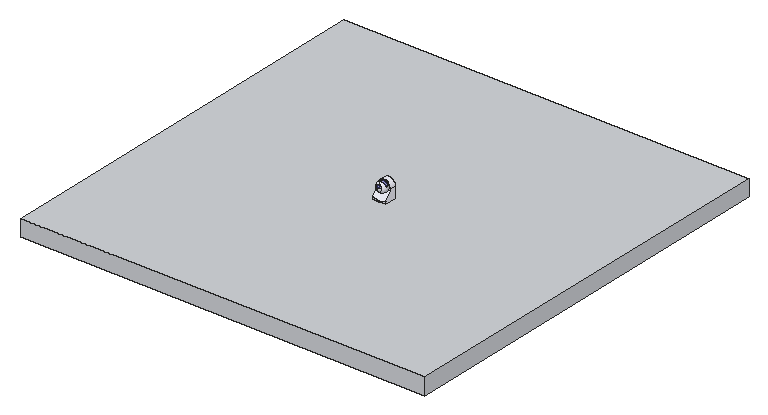
Revit family "BEG-91002", category Dispositifs d'éclairage, Revit 2015
Parameters
  Erfassungsbereich [instance] = yes
  Zone sitzend [instance] = yes
  URL = "http://www.luxomat.com/de-91001"
  Ausgabetyp = "Schalten"
  Umgebungstemperatur = "-25°C bis +50°C"
  Artikel-Nummer = "91002"
  Relais = "4A"
  Modèle = "LC-Click-N 200, weiß"
  Montge Anleitung = "Aufputz Version"
  Marke = "LUXOMAT"
  Image du type = 91002.jpg
  IP = "44"
  Max Montagehöhe empfohlen = Montagehöhe max  # 300 cm
  Montagehöhe max = 300 cm
  Fabricant = "B.E.G"
  Etikette [instance] = yes
  Elévation par défaut = 250 cm
  Typische Leistungsaufnahme = "0,38W"
  Commentaires du type = "LC-Click N-200-weiß  BEG Luxomat Bewegungsmelder"
  Code d'assemblage = "D5010200"
  Klasse = "2"
  Schaltleistung Kanal LED = "30W"
  Schaltleistung Kanal Cos ɸ =1 = "1000W"
  Schaltleistung Kanal Cos ɸ =0,5 = "0"
  SPANNUNG = "110-240 V AC"
Reference planes (cm)
  plane 1 "Centre (avant/arrière)": y = 0
  plane 2: z = 0
  plane 3 "Centre (gauche/droite)": x = 0
Forms (cm)
  Extrusion 1, solid
    sketch origin (0, 0, 0) x (1, 0, 0) y (0, 1, 0)
      loop
        line (-121.92, 121.92) -> (-121.92, -121.92) -> (121.92, -121.92) -> (121.92, 121.92) -> (-121.92, 121.92)
    from 0 to -10
  Extrusion 2, void
    sketch origin (0, 0, 0) x (1, 0, 0) y (0, 1, 0)
      loop
        circle (0, 0) r 2.125
    from 0 to 1.606
Dimensions and locks (cm)
  aligned and locked: plane 2 to Extrusion 1
  aligned and locked: level to Extrusion 1
  aligned and locked: plane 2 to nested 2
  aligned and locked: plane 1 "Centre (avant/arrière)" to nested 2
Nested families (cm)
  nested 1: "Famille1" at (0, -52.6659, 0) x (-1, 0, 0) z (0, 0, 1), reference <- "Artikel-Nummer", modele <- "Modèle", visible <- "Etikette", type "Famille1"
    with reference "91002", modele "LC-Click-N 200, weiß"
  nested 2: "M2" at (0, -4.5, 7.2), type "Standard"
  nested 3: "Symbole Mural 2D" at (0, 0, 0), type "Symbole Mural 2D"
  nested 4: "zone C" at (0, 0, 0) x (1, 0, 0) z (0, -1, 0), visible <- "Erfassungsbereich", type "zone C"
    with zone assise yes, position 3 100 cm, position 2 240 cm, position 1 400 cm, frontale 600 cm, biais 1000 cm, assise 400 cm
Connectors (cm)
  electrical at (0, -0.4, 0)
    settings: on nested 2, index 1, voltage 240 V, apparent load 0 VA, apparent load phase1 0 VA, apparent load phase2 0 VA, apparent load phase3 0 VA, power factor 1, load classification "Eclairage", number of poles 1, system type 31, power factor state 1, is connector primary yes, connector utility no, sub classification motor no, connector description ""
Definition of nested family "M2"
  Parameters (values of type "Standard")
    d273 = 0.00°
    d272 = 0.00°
    d258 = 10.3 cm
    d158 = 7.2 cm
    Revolution_StartAngle_2 = -90.0709°
    Revolution_StartAngle_1 = -90.0613°
    Revolution_EndAngle_2 = 0.00°
    Revolution_EndAngle_1 = 0.00°
  Reference planes (cm)
    plane 1 "Centre (avant/arrière)": y = 0
    plane 2: z = 0
    plane 3 "Centre (gauche/droite)": x = 0
    plane 4: x = 0
    plane 5: x = 4.65
    plane 6: x = -4.65
    plane 7: x = 4.2
    plane 8: x = -4.2
    plane 9: z = 0
    plane 10: z = -7.2
    plane 11: z = 3.1
    plane 12: x = 5.85
    plane 13: x = -5.85
  Forms (cm)
    Revolve 1, solid
      sketch origin (0, 0, 0) x (0, -1, 0) y (0, 0, -1)
        loop
          arc (-0.65, 1.6397) -> (-2.376, 2.8952) -> (-4.5, 2.6852) r 3
          line (-4.5, 2.6852) -> (-4.5, -0.1) -> (-0.65, -0.1) -> (-0.65, 1.6397)
        axis (-4.5, -0.1) -> (-0.65, -0.1)
      angle from 0 to 360
    Revolve 2, solid
      sketch origin (0, 0, 0) x (0, -1, 0) y (0, 0, -1)
        loop
          line (-0.65, 1.6197) -> (-0.65, -0.1) -> (0, -0.1)
          arc (0, -0.1) -> (-0.1679, 0.8192) -> (-0.65, 1.6197) r 2.6
        axis (0, -0.1) -> (-0.65, -0.1)
      angle from -90.061 <- "Revolution_StartAngle_1" to 90
    Revolve 3, solid
      sketch origin (0, 0, 0) x (0, -1, 0) y (0, 0, -1)
        loop
          line (-0.65, -0.1) -> (-0.65, -1.75)
          arc (-0.65, -1.75) -> (-0.1684, -0.9867) -> (0, -0.1) r 2.4192
          line (0, -0.1) -> (-0.65, -0.1)
        axis (-0.65, -0.1) -> (0, -0.1)
      angle from -90.071 <- "Revolution_StartAngle_2" to 90
    Extrusion 4, void
      sketch origin (0, 0, 0) x (0, -1, 0) y (0, 0, -1)
        loop
          line (-4.25, -0.5) -> (-4.25, -3.5) -> (-1.95, -3.5) -> (-1.95, -0.5) -> (-4.25, -0.5)
      from 4.65 to -4.65
    Revolve 5, solid
      sketch origin (0, 0, 0) x (0, -1, 0) y (0, 0, -1)
        loop
          line (-4.25, -2.8) -> (-1.95, -2.8) -> (-1.95, -0.5) -> (-4.25, -0.5) -> (-4.25, -2.8)
        axis (-1.95, 0) -> (-4.25, 0)
      angle from 0 to 360
    Extrusion 6, void
      sketch origin (0, 0, 0) x (0, -1, 0) y (0, 0, -1)
        loop
          line (-4.25, -0.5) -> (-1.95, -0.5) -> (-1.95, 3.2411) -> (-4.25, 3.2411) -> (-4.25, -0.5)
      from 4.2 to -4.2
    Extrusion 7, solid
      sketch origin (0, 0, -7.2) x (-1, 0, 0) y (0, -1, 0)
        loop
          line (3.9, -7.6) -> (3.9, -0.6)
          arc (3.9, -0.6) -> (0, -0.2) -> (-3.9, -0.6) r 19.2125
          line (-3.9, -0.6) -> (-3.9, -7.6)
          arc (-3.9, -7.6) -> (0, -8) -> (3.9, -7.6) r 19.2125
      from 0 to 10.3
    Extrusion 8, void
      sketch origin (0, 0, 0) x (0, -1, 0) y (0, 0, -1)
        loop
          line (0.0389, 6.5653) -> (-4.4331, 1.4654) -> (-4.4331, -3.5256) -> (0.0389, -3.5256) -> (0.0389, 6.5653)
      from 5.85 to -5.85
    Extrusion 9, void
      sketch origin (5.85, 4.4331, -1.4654) x (0, 0, 1) y (-1, 0, 0)
        loop
          line (0.6654, 10.6176) -> (0.6654, 9.75)
          arc (0.6654, 9.75) -> (4.5654, 5.85) -> (0.6654, 1.95) r 3.9
          line (0.6654, 1.95) -> (0.6654, 0.7522) -> (4.9856, 0.7522) -> (4.9856, 10.6176) -> (0.6654, 10.6176)
      from 6.1831 to -5.5169
  Cuts and joins
    Extrusion 4 cuts Revolve 1
    Extrusion 4 cuts Revolve 2
    Extrusion 8, Extrusion 9 cuts Extrusion 7
    joined: Revolve 1, Revolve 2, Extrusion 7
    Extrusion 6 cuts Revolve 5
  Lines and regions (cm)
    reference lines
      curve 1: arc (0, 0.65, -1.6397) -> (0, 2.376, -2.8952) -> (0, 4.5, -2.6852) r 3
      curve 2: line (0, 4.5, 0.1) -> (0, 4.5, -2.6852)
      curve 3: line (0, 4.5, 0.1) -> (0, 0.65, 0.1)
      curve 4: line (0, 0.65, 0.1) -> (0, 0.65, -1.6397)
      curve 5: line (0, 6.7518, 0.1) -> (0, 0, 0.1)
      curve 6: line (0, 0.65, 1.8397) -> (0, 0.65, -1.6397)
      curve 7: line (0, 0, 0.1) -> (0, 0.65, 0.1)
      curve 8: arc (0, 0, 0.1) -> (0, 0.1679, -0.8192) -> (0, 0.65, -1.6197) r 2.6
      curve 9: line (0, 0.65, 0.1) -> (0, 0, 0.1)
      curve 10: arc (0, 0.65, 1.75) -> (0, 0.1684, 0.9867) -> (0, 0, 0.1) r 2.4192
      curve 11: line (0, 0.65, 0.1) -> (0, 0.65, 1.75)
      curve 12: line (0, 4.25, 0.5) -> (0, 1.95, 0.5)
      curve 13: line (0, 1.95, 0.5) -> (0, 1.95, 3.5)
      curve 14: line (0, 1.95, 3.5) -> (0, 4.25, 3.5)
      curve 15: line (0, 4.25, 3.5) -> (0, 4.25, 0.5)
      curve 16: line (0, 4.25, 2.8) -> (0, 1.95, 2.8)
      curve 17: line (0, 1.95, 2.8) -> (0, 1.95, 0.5)
      curve 18: line (0, 1.95, 0.5) -> (0, 4.25, 0.5)
      curve 19: line (0, 4.25, 0.5) -> (0, 4.25, 2.8)
      curve 20: line (0, -0.85, 0) -> (0, 5.1, 0)
      curve 21: line (0, 4.25, 0.5) -> (0, 1.95, 0.5)
      curve 22: line (0, 1.95, 0.5) -> (0, 1.95, -3.2411)
      curve 23: line (0, 1.95, -3.2411) -> (0, 4.25, -3.2411)
      curve 24: line (0, 4.25, -3.2411) -> (0, 4.25, 0.5)
      curve 25: line (-3.9, 7.6, -7.2) -> (-3.9, 0.6, -7.2)
      curve 26: arc (-3.9, 0.6, -7.2) -> (0, 0.2, -7.2) -> (3.9, 0.6, -7.2) r 19.2125
      curve 27: line (3.9, 7.6, -7.2) -> (3.9, 0.6, -7.2)
      curve 28: arc (3.9, 7.6, -7.2) -> (0, 8, -7.2) -> (-3.9, 7.6, -7.2) r 19.2125
      curve 29: line (0, -0.0389, -6.5653) -> (0, 4.4331, -1.4654)
      curve 30: line (0, 4.4331, -1.4654) -> (0, 4.4331, 3.5256)
      curve 31: line (0, 4.4331, 3.5256) -> (0, -0.0389, 3.5256)
      curve 32: line (0, -0.0389, 3.5256) -> (0, -0.0389, -6.5653)
      curve 33: line (-3.9, 4.4331, -0.8) -> (-4.7676, 4.4331, -0.8)
      curve 34: arc (3.9, 4.4331, -0.8) -> (0, 4.4331, 3.1) -> (-3.9, 4.4331, -0.8) r 3.9
      curve 35: line (5.0978, 4.4331, -0.8) -> (3.9, 4.4331, -0.8)
      curve 36: line (5.0978, 4.4331, 3.5202) -> (5.0978, 4.4331, -0.8)
      curve 37: line (-4.7676, 4.4331, 3.5202) -> (5.0978, 4.4331, 3.5202)
      curve 38: line (-4.7676, 4.4331, -0.8) -> (-4.7676, 4.4331, 3.5202)
  Dimensions and locks (cm)
    "d158": plane 10 to plane 9
    "d258": plane 10 to plane 11
    aligned and locked: level to plane 2
    aligned and locked: Revolve 1 sketch curve to curve 1
    aligned and locked: Revolve 1 sketch curve to curve 2
    aligned and locked: Revolve 1 sketch curve to curve 3
    aligned and locked: Revolve 1 sketch curve to curve 4
    aligned and locked: Revolve 1 sketch curve to curve 5
    aligned and locked: Revolve 2 sketch curve to curve 6
    aligned and locked: Revolve 2 sketch curve to curve 7  (x2)
    aligned and locked: Revolve 2 sketch curve to curve 8
    aligned and locked: Revolve 3 sketch curve to curve 9  (x2)
    aligned and locked: Revolve 3 sketch curve to curve 10
    aligned and locked: Revolve 3 sketch curve to curve 11
    aligned and locked: Extrusion 4 to plane 6
    aligned and locked: Extrusion 4 to plane 5
    aligned and locked: Extrusion 4 sketch curve to curve 12
    aligned and locked: Extrusion 4 sketch curve to curve 13
    aligned and locked: Extrusion 4 sketch curve to curve 14
    aligned and locked: Extrusion 4 sketch curve to curve 15
    aligned and locked: Revolve 5 sketch curve to curve 16
    aligned and locked: Revolve 5 sketch curve to curve 17
    aligned and locked: Revolve 5 sketch curve to curve 18
    aligned and locked: Revolve 5 sketch curve to curve 19
    aligned and locked: Revolve 5 sketch curve to curve 20
    aligned and locked: Extrusion 6 to plane 8
    aligned and locked: Extrusion 6 to plane 7
    aligned and locked: Extrusion 6 sketch curve to curve 21
    aligned and locked: Extrusion 6 sketch curve to curve 22
    aligned and locked: Extrusion 6 sketch curve to curve 23
    aligned and locked: Extrusion 6 sketch curve to curve 24
    aligned and locked: Extrusion 7 to plane 11
    aligned and locked: Extrusion 7 to plane 10
    aligned and locked: Extrusion 7 sketch curve to curve 25
    aligned and locked: Extrusion 7 sketch curve to curve 26
    aligned and locked: Extrusion 7 sketch curve to curve 27
    aligned and locked: Extrusion 7 sketch curve to curve 28
    aligned and locked: Extrusion 8 to plane 13
    aligned and locked: Extrusion 8 to plane 12
    aligned and locked: Extrusion 8 sketch curve to curve 29
    aligned and locked: Extrusion 8 sketch curve to curve 30
    aligned and locked: Extrusion 8 sketch curve to curve 31
    aligned and locked: Extrusion 8 sketch curve to curve 32
    aligned and locked: Extrusion 9 sketch curve to curve 33
    aligned and locked: Extrusion 9 sketch curve to curve 34
    aligned and locked: Extrusion 9 sketch curve to curve 35
    aligned and locked: Extrusion 9 sketch curve to curve 36
    aligned and locked: Extrusion 9 sketch curve to curve 37
    aligned and locked: Extrusion 9 sketch curve to curve 38
Definition of nested family "Famille1"
  Parameters (values of type "Famille1")
    reference [instance] = ""
    modele [instance] = ""
  Reference planes (cm)
    plane 1: y = 0
    plane 2: x = 0
  Text (cm)
    label "reference\n\nmodele" at (0.0074, -0.6424, 0), shows "reference", "modele"
Definition of nested family "Symbole Mural 2D"
  Reference planes (cm)
    plane 1: y = 0
    plane 2: x = 0
  Lines and regions (cm)
    Filled region 1, type "rouge"
      outline origin (0, 0, 0) x (1, 0, 0) y (0, 1, 0)
        loop
          circle (0, 0) r 0.0294
    detail lines
      curve 1: arc (-0.0294, 0, 0) -> (0, -0.0294, 0) -> (0.0294, 0, 0) r 0.0294
      curve 2: arc (0.0294, 0, 0) -> (0, 0.0294, 0) -> (-0.0294, 0, 0) r 0.0294
      curve 3: arc (0.102, 0.1767, 0) -> (0, 0.204, 0) -> (-0.102, 0.1767, 0) r 0.204
      curve 4: arc (0.081, 0.1403, 0) -> (0, 0.162, 0) -> (-0.081, 0.1403, 0) r 0.162
      curve 5: arc (0.06, 0.1039, 0) -> (0, 0.12, 0) -> (-0.06, 0.1039, 0) r 0.12
Definition of nested family "zone C"
  Parameters (values of type "zone C")
    zone assise [instance] = yes
    position 3 [instance] = (assise / 4)  # 100 cm
    position 2 [instance] = (frontale / 2) * 0.8  # 240 cm
    position 1 [instance] = (biais / 2) * 0.8  # 400 cm
    frontale [instance] = 600 cm
    biais [instance] = 1000 cm
    assise [instance] = 400 cm
  Reference planes (cm)
    plane 1 "Centre (avant/arrière)": y = 0
    plane 2: z = 0
    plane 3 "Centre (gauche/droite)": x = 0
    plane 4: y = 400
    plane 5: y = 200
    plane 6: y = 1200
    plane 7: x = -500
    plane 8: x = 500
    plane 9: through (0, 0, 400) normal (-0.342, -0.9397, 0)
    plane 10: through (0, 0, 400) normal (-0.342, 0.9397, 0)
  Lines and regions (cm)
    detail lines, in view "Niveau de réf.", visible <- "zone assise"
      curve 1: spline (-41.3175, 127.4258, 0) -> (-40.9514, 127.2726, 0) -> (-39.8783, 127.1298, 0) -> (-38.1711, 127.0072, 0) -> (-35.9463, 126.9131, 0) -> (-33.3554, 126.8539, 0) -> (-30.5751, 126.8338, 0) -> (-27.7947, 126.8539, 0) -> (-25.2038, 126.9131, 0) -> (-22.979, 127.0072, 0) -> (-21.2718, 127.1298, 0) -> (-20.1987, 127.2726, 0) -> (-19.8326, 127.4258, 0) -> (-20.1987, 127.5791, 0) -> (-21.2718, 127.7219, 0) -> (-22.979, 127.8445, 0) -> (-25.2038, 127.9386, 0) -> (-27.7947, 127.9977, 0) -> (-30.5751, 128.0179, 0) -> (-33.3554, 127.9977, 0) -> (-35.9463, 127.9386, 0) -> (-38.1711, 127.8445, 0) -> (-39.8783, 127.7219, 0) -> (-40.9514, 127.5791, 0) -> (-41.3175, 127.4258, 0)
      curve 2: line (-41.3175, 127.4258, 0) -> (-39.7679, 127.7322, 0)
      curve 3: arc (-38.6903, 107.6252, 0) -> (-43.3323, 107.028, 0) -> (-47.6719, 105.2752, 0) r 18.3388
      curve 4: arc (-47.6719, 105.2752, 0) -> (-47.739, 105.2094, 0) -> (-47.7637, 105.1188, 0) r 0.1799
      curve 5: arc (-38.4979, 107.0335, 0) -> (-42.7881, 106.6337, 0) -> (-46.8946, 105.3288, 0) r 20.1051
      curve 6: arc (-46.8946, 105.3288, 0) -> (-47.0804, 105.235, 0) -> (-47.253, 105.1188, 0) r 1.6679
      curve 7: circle (-47.5084, 104.3848, 0) r 0.5096 normal (0, 0, 1)
      curve 8: arc (-46.9388, 104.3848, 0) -> (-47.5084, 104.9544, 0) -> (-48.078, 104.3848, 0) r 0.5696
      curve 9: arc (-46.8788, 104.3848, 0) -> (-47.5084, 105.0144, 0) -> (-48.138, 104.3848, 0) r 0.6296
      curve 10: arc (-22.4599, 107.6252, 0) -> (-17.8179, 107.028, 0) -> (-13.4782, 105.2752, 0) r 18.3388
      curve 11: arc (-13.4782, 105.2752, 0) -> (-13.4112, 105.2094, 0) -> (-13.3864, 105.1188, 0) r 0.1799
      curve 12: arc (-22.6522, 107.0335, 0) -> (-18.362, 106.6337, 0) -> (-14.2555, 105.3288, 0) r 20.1051
      curve 13: arc (-14.2555, 105.3288, 0) -> (-14.0697, 105.235, 0) -> (-13.8971, 105.1188, 0) r 1.6679
      curve 14: circle (-13.6418, 104.3848, 0) r 0.5096 normal (0, 0, 1)
      curve 15: arc (-13.0722, 104.3848, 0) -> (-13.6418, 104.9544, 0) -> (-14.2113, 104.3848, 0) r 0.5696
      curve 16: arc (-13.0122, 104.3848, 0) -> (-13.6418, 105.0144, 0) -> (-14.2713, 104.3848, 0) r 0.6296
      curve 17: arc (-31.3001, 107.6252, 0) -> (-35.0279, 106.773, 0) -> (-38.5464, 105.2752, 0) r 21.5424
      curve 18: arc (-38.5464, 105.2752, 0) -> (-38.6134, 105.2094, 0) -> (-38.6382, 105.1188, 0) r 0.1799
      curve 19: arc (-31.3001, 107.0335, 0) -> (-34.5944, 106.4079, 0) -> (-37.7691, 105.3288, 0) r 23.9713
      curve 20: arc (-37.7691, 105.3288, 0) -> (-37.9518, 105.2368, 0) -> (-38.1218, 105.1231, 0) r 1.6679
      curve 21: arc (-31.0637, 107.0335, 0) -> (-34.3097, 106.3846, 0) -> (-37.4471, 105.3288, 0) r 26.0219
      curve 22: arc (-37.4471, 105.3288, 0) -> (-37.6328, 105.235, 0) -> (-37.8055, 105.1188, 0) r 1.6679
      curve 23: circle (-38.2218, 104.3848, 0) r 0.5096 normal (0, 0, 1)
      curve 24: arc (-37.6522, 104.3848, 0) -> (-38.2218, 104.9544, 0) -> (-38.7914, 104.3848, 0) r 0.5696
      curve 25: arc (-37.5922, 104.3848, 0) -> (-38.2218, 105.0144, 0) -> (-38.8514, 104.3848, 0) r 0.6296
      curve 26: arc (-29.85, 107.6252, 0) -> (-26.1222, 106.773, 0) -> (-22.6037, 105.2752, 0) r 21.5424
      curve 27: arc (-22.6037, 105.2752, 0) -> (-22.5367, 105.2094, 0) -> (-22.5119, 105.1188, 0) r 0.1799
      curve 28: arc (-29.85, 107.0335, 0) -> (-26.5557, 106.4079, 0) -> (-23.381, 105.3288, 0) r 23.9713
      curve 29: arc (-23.381, 105.3288, 0) -> (-23.1952, 105.235, 0) -> (-23.0226, 105.1188, 0) r 1.6679
      curve 30: arc (-30.0865, 107.0335, 0) -> (-26.8404, 106.3846, 0) -> (-23.703, 105.3288, 0) r 26.0219
      curve 31: arc (-23.703, 105.3288, 0) -> (-23.5173, 105.235, 0) -> (-23.3447, 105.1188, 0) r 1.6679
      curve 32: circle (-22.9283, 104.3848, 0) r 0.5096 normal (0, 0, 1)
      curve 33: arc (-22.3587, 104.3848, 0) -> (-22.9283, 104.9544, 0) -> (-23.4979, 104.3848, 0) r 0.5696
      curve 34: arc (-22.2987, 104.3848, 0) -> (-22.9283, 105.0144, 0) -> (-23.5579, 104.3848, 0) r 0.6296
      curve 35: arc (-39.0487, 133.0845, 0) -> (-37.9184, 130.0313, 0) -> (-34.9061, 128.7959, 0) r 4.0512
      curve 36: arc (-19.7594, 128.4409, 0) -> (-18.9946, 127.9957, 0) -> (-18.8354, 127.1252, 0) r 1.0582
      curve 37: arc (-18.8354, 127.1252, 0) -> (-20.1297, 117.987, 0) -> (-20.1111, 108.7576, 0) r 64.7189
      curve 38: arc (-20.1111, 108.7576, 0) -> (-19.9738, 108.2109, 0) -> (-19.4935, 107.9159, 0) r 0.7467
      curve 39: arc (-19.4935, 107.9159, 0) -> (-16.4122, 107.3424, 0) -> (-13.2788, 107.2735, 0) r 19.3577
      curve 40: arc (-13.2788, 107.2735, 0) -> (-13.6771, 107.7749, 0) -> (-14.2869, 107.97, 0) r 1.1013
      curve 41: arc (-14.2869, 107.97, 0) -> (-16.4682, 108.4044, 0) -> (-18.5995, 109.0399, 0) r 23.8747
      curve 42: arc (-18.5995, 109.0399, 0) -> (-17.6453, 117.6652, 0) -> (-16.8888, 126.3101, 0) r 379.1961
      curve 43: arc (-16.8888, 126.3101, 0) -> (-17.1116, 129.0558, 0) -> (-19.099, 130.9634, 0) r 3.8846
      curve 44: arc (-19.099, 130.9634, 0) -> (-25.2549, 133.0287, 0) -> (-31.695, 133.8571, 0) r 33.2193
      curve 45: arc (-31.695, 133.8571, 0) -> (-30.8924, 141.519, 0) -> (-30.9017, 149.2229, 0) r 72.9952
      curve 46: arc (-31.1524, 152.494, 0) -> (-31.2604, 153.5098, 0) -> (-31.3826, 154.524, 0) r 72.9952
      curve 47: arc (-34.2155, 154.2892, 0) -> (-36.3834, 153.5053, 0) -> (-35.5294, 151.3641, 0) r 1.6042
      curve 48: arc (-31.3826, 154.524, 0) -> (-34.7706, 156.4714, 0) -> (-38.1587, 154.524, 0) r 3.9209
      curve 49: arc (-4.8826, 144.5317, 0) -> (-4.8945, 144.4406, 0) -> (-4.9819, 144.4689, 0) r 0.0597
      curve 50: arc (-7.0184, 144.7548, 0) -> (-6.9904, 144.5973, 0) -> (-7.149, 144.5761, 0) r 0.1108
      curve 51: spline (-34.9316, 165.8549, 0) -> (-34.0201, 165.7243, 0) -> (-33.1637, 165.2995, 0) -> (-32.4208, 164.6094, 0) -> (-31.842, 163.7011, 0) -> (-31.4668, 162.6365, 0) -> (-31.3207, 161.488, 0) -> (-31.4136, 160.3341, 0) -> (-31.7393, 159.2532, 0) -> (-32.2756, 158.3192, 0) -> (-32.9858, 157.5955, 0) -> (-33.8217, 157.1317, 0) -> (-34.7262, 156.9591, 0) -> (-35.6377, 157.0897, 0) -> (-36.494, 157.5145, 0) -> (-37.2369, 158.2046, 0) -> (-37.8157, 159.1129, 0) -> (-38.191, 160.1776, 0) -> (-38.3371, 161.326, 0) -> (-38.2441, 162.48, 0) -> (-37.9184, 163.5608, 0) -> (-37.3822, 164.4949, 0) -> (-36.6719, 165.2185, 0) -> (-35.8361, 165.6824, 0) -> (-34.9316, 165.8549, 0)
      curve 52: line (-10.2016, 103.8752, 0) -> (30.5833, 103.8752, 0)
      curve 53: line (30.5833, 103.8752, 0) -> (30.5833, 142.8821, 0)
      curve 54: line (30.5833, 142.8821, 0) -> (-10.2016, 142.8821, 0)
      curve 55: line (-10.2016, 142.8821, 0) -> (-10.2016, 103.8752, 0)
      curve 56: line (-10.2016, 103.8752, 0) -> (-56.7589, 103.8752, 0)
      curve 57: line (-16.1433, 142.8821, 0) -> (36.525, 142.8821, 0)
      curve 58: line (36.525, 142.8821, 0) -> (36.525, 144.3485, 0)
      curve 59: line (36.525, 144.3485, 0) -> (-16.1433, 144.3485, 0)
      curve 60: line (-16.1433, 144.3485, 0) -> (-16.1433, 142.8821, 0)
      curve 61: line (-31.5631, 126.8338, 0) -> (-29.587, 126.8338, 0)
      curve 62: line (-29.587, 126.8338, 0) -> (-29.587, 107.6252, 0)
      curve 63: line (-29.587, 107.6252, 0) -> (-31.5631, 107.6252, 0)
      curve 64: line (-31.5631, 107.6252, 0) -> (-31.5631, 126.8338, 0)
      curve 65: line (-31.5631, 107.6252, 0) -> (-38.6903, 107.6252, 0)
      curve 66: line (-47.7637, 105.1188, 0) -> (-47.253, 105.1188, 0)
      curve 67: line (-29.85, 107.6252, 0) -> (-30.0865, 107.0335, 0)
      curve 68: line (-30.0865, 107.0335, 0) -> (-29.85, 107.0335, 0)
      curve 69: line (-29.85, 107.0335, 0) -> (-30.5751, 107.0335, 0)
      curve 70: line (-30.5751, 107.0335, 0) -> (-31.3001, 107.0335, 0)
      curve 71: line (-31.3001, 107.0335, 0) -> (-31.0637, 107.0335, 0)
      curve 72: line (-31.0637, 107.0335, 0) -> (-31.3001, 107.6252, 0)
      curve 73: line (-34.1634, 107.0335, 0) -> (-38.4979, 107.0335, 0)
      curve 74: line (-48.078, 104.3848, 0) -> (-48.138, 104.3848, 0)
      curve 75: line (-46.9388, 104.3848, 0) -> (-46.8788, 104.3848, 0)
      curve 76: line (-47.4084, 105.0064, 0) -> (-47.4084, 105.1188, 0)
      curve 77: line (-47.6084, 105.0064, 0) -> (-47.6084, 105.1188, 0)
      curve 78: line (-29.587, 107.6252, 0) -> (-22.4599, 107.6252, 0)
      curve 79: line (-13.3864, 105.1188, 0) -> (-13.8971, 105.1188, 0)
      curve 80: line (-26.9867, 107.0335, 0) -> (-22.6522, 107.0335, 0)
      curve 81: line (-13.0722, 104.3848, 0) -> (-13.0122, 104.3848, 0)
      curve 82: line (-14.2113, 104.3848, 0) -> (-14.2713, 104.3848, 0)
      curve 83: line (-13.7418, 105.0064, 0) -> (-13.7418, 105.1188, 0)
      curve 84: line (-13.5418, 105.0064, 0) -> (-13.5418, 105.1188, 0)
      curve 85: line (-38.6382, 105.1188, 0) -> (-37.8055, 105.1188, 0)
      curve 86: line (-38.7914, 104.3848, 0) -> (-38.8514, 104.3848, 0)
      curve 87: line (-37.6522, 104.3848, 0) -> (-37.5922, 104.3848, 0)
      curve 88: line (-38.1218, 105.0064, 0) -> (-38.1218, 105.1231, 0)
      curve 89: line (-38.3218, 105.0064, 0) -> (-38.3218, 105.1188, 0)
      curve 90: line (-22.5119, 105.1188, 0) -> (-23.3447, 105.1188, 0)
      curve 91: line (-22.3587, 104.3848, 0) -> (-22.2987, 104.3848, 0)
      curve 92: line (-23.4979, 104.3848, 0) -> (-23.5579, 104.3848, 0)
      curve 93: line (-23.0283, 105.0064, 0) -> (-23.0283, 105.1188, 0)
      curve 94: line (-22.8283, 105.0064, 0) -> (-22.8283, 105.1188, 0)
      curve 95: line (-34.9061, 128.7959, 0) -> (-19.7594, 128.4409, 0)
      curve 96: line (-39.0487, 133.0845, 0) -> (-38.1587, 154.524, 0)
      curve 97: line (-34.2155, 154.2892, 0) -> (-21.3663, 146.7588, 0)
      curve 98: line (-21.3663, 146.7588, 0) -> (-10.3337, 145.881, 0)
      curve 99: line (-10.3337, 145.881, 0) -> (-7.6441, 145.9359, 0)
      curve 100: line (-7.6441, 145.9359, 0) -> (-5.7779, 145.497, 0)
      curve 101: line (-5.7779, 145.497, 0) -> (-4.8826, 144.5317, 0)
      curve 102: line (-4.9819, 144.4689, 0) -> (-5.8216, 145.3036, 0)
      curve 103: line (-5.8216, 145.3036, 0) -> (-7.6523, 145.513, 0)
      curve 104: line (-7.6523, 145.513, 0) -> (-8.0567, 145.2388, 0)
      curve 105: line (-8.0567, 145.2388, 0) -> (-7.0184, 144.7548, 0)
      curve 106: line (-7.149, 144.5761, 0) -> (-8.7064, 145.1089, 0)
      curve 107: line (-8.7064, 145.1089, 0) -> (-10.5368, 144.8698, 0)
      curve 108: line (-10.5368, 144.8698, 0) -> (-22.0552, 145.1298, 0)
      curve 109: line (-22.0552, 145.1298, 0) -> (-35.5294, 151.3641, 0)
      curve 110: line (-35.9052, 157.1881, 0) -> (-36.0352, 156.2619, 0)
      curve 111: line (-33.555, 157.2442, 0) -> (-33.4126, 156.2287, 0)
      curve 112: line (30.5833, 103.8752, 0) -> (42.1578, 103.8752, 0)
    detail lines, in view "Niveau de réf."
      curve 113: spline (-2.3068, 310.875, 0) -> (-4.0856, 310.5434, 0) -> (-5.7432, 309.5712, 0) -> (-7.1667, 308.0245, 0) -> (-8.2589, 306.0089, 0) -> (-8.9455, 303.6617, 0) -> (-9.1797, 301.1428, 0) -> (-8.9455, 298.6239, 0) -> (-8.2589, 296.2767, 0) -> (-7.1667, 294.261, 0) -> (-5.7432, 292.7144, 0) -> (-4.0856, 291.7422, 0) -> (-2.3068, 291.4105, 0) -> (-0.5279, 291.7422, 0) -> (1.1297, 292.7144, 0) -> (2.5531, 294.261, 0) -> (3.6453, 296.2767, 0) -> (4.3319, 298.6239, 0) -> (4.5661, 301.1428, 0) -> (4.3319, 303.6617, 0) -> (3.6453, 306.0089, 0) -> (2.5531, 308.0245, 0) -> (1.1297, 309.5712, 0) -> (-0.5279, 310.5434, 0) -> (-2.3068, 310.875, 0)
      curve 114: line (4.7649, 298.2415, 0) -> (-0.5136, 311.0698, 0)
      curve 115: line (-3.5648, 311.2261, 0) -> (-9.2455, 297.6752, 0)
      curve 116: line (0.3759, 291.6074, 0) -> (3.0011, 294.0292, 0)
      curve 117: line (-3.5053, 311.6531, 0) -> (-6.62, 311.5242, 0)
      curve 118: line (-1.7304, 311.501, 0) -> (-3.5053, 311.6531, 0)
      curve 119: line (4.7649, 298.2415, 0) -> (-0.5136, 311.0698, 0)
      curve 120: line (21.1936, 298.5379, 0) -> (24.4202, 300.5108, 0)
      curve 121: line (21.1936, 298.5379, 0) -> (24.4202, 300.5108, 0)
      curve 122: line (0.3759, 291.6074, 0) -> (3.0011, 294.0292, 0)
      curve 123: line (-1.7304, 311.501, 0) -> (-6.62, 311.5242, 0)
      curve 124: line (-3.5648, 311.2261, 0) -> (-9.2455, 297.6752, 0)
      curve 125: line (0, 283.1486, 0) -> (0, 252.2274, 0)
      curve 126: line (0, 252.2274, 0) -> (0, 243.93, 0)
      curve 127: spline (-215.5141, 635.5343, 0) -> (-213.7392, 635.1821, 0) -> (-211.8391, 635.4697, 0) -> (-209.9434, 636.3777, 0) -> (-208.1811, 637.844, 0) -> (-206.6725, 639.7688, 0) -> (-205.5202, 642.0209, 0) -> (-204.8029, 644.4469, 0) -> (-204.5694, 646.8813, 0) -> (-204.8356, 649.1583, 0) -> (-205.5834, 651.1227, 0) -> (-206.7619, 652.6407, 0) -> (-208.2906, 653.6088, 0) -> (-210.0655, 653.961, 0) -> (-211.9656, 653.6733, 0) -> (-213.8613, 652.7654, 0) -> (-215.6236, 651.299, 0) -> (-217.1322, 649.3742, 0) -> (-218.2845, 647.1221, 0) -> (-219.0018, 644.6962, 0) -> (-219.2353, 642.2618, 0) -> (-218.9691, 639.9848, 0) -> (-218.2213, 638.0203, 0) -> (-217.0428, 636.5023, 0) -> (-215.5141, 635.5343, 0)
      curve 128: line (-217.3923, 649.89, 0) -> (-217.2515, 636.0189, 0)
      curve 129: line (-214.4762, 634.7415, 0) -> (-204.1723, 645.2165, 0)
      curve 130: line (-210.8548, 654.4216, 0) -> (-214.1913, 653.147, 0)
      curve 131: line (-214.6899, 634.367, 0) -> (-211.7498, 633.3308, 0)
      curve 132: line (-216.2817, 635.1669, 0) -> (-214.6899, 634.367, 0)
      curve 133: line (-217.3923, 649.89, 0) -> (-217.2515, 636.0189, 0)
      curve 134: line (-232.7579, 655.7116, 0) -> (-236.4862, 655.077, 0)
      curve 135: line (-232.7579, 655.7116, 0) -> (-236.4862, 655.077, 0)
      curve 136: line (-210.8548, 654.4216, 0) -> (-214.1913, 653.147, 0)
      curve 137: line (-216.2817, 635.1669, 0) -> (-211.7498, 633.3308, 0)
      curve 138: line (-214.4762, 634.7415, 0) -> (-204.1723, 645.2165, 0)
      curve 139: line (-207.3666, 662.1368, 0) -> (-195.8914, 690.8499, 0)
      curve 140: line (-195.8914, 690.8499, 0) -> (-192.8122, 698.5548, 0)
      curve 281: arc (200, 0, 0) -> (0, 200, 0) -> (-200, 0, 0) r 200
      curve 282: arc (400, 0, 0) -> (0, 400, 0) -> (-400, 0, 0) r 400
      curve 283: line (500, 0, 0) -> (-500, 0, 0)
      curve 284: spline (-500, 0, 0) -> (-482.9629, 310.5829, 0) -> (-433.0127, 600, 0) -> (-353.5534, 848.5281, 0) -> (-250, 1039.2305, 0) -> (-129.4095, 1159.111, 0) -> (0, 1200, 0) -> (129.4095, 1159.111, 0) -> (250, 1039.2305, 0) -> (353.5534, 848.5281, 0) -> (433.0127, 600, 0) -> (482.9629, 310.5829, 0) -> (500, 0, 0)
    detail lines, in view "Niveau de réf.", visible <- "zone assise", not visible
      curve 141: spline (925.976, -22.5654, 0) -> (926.342, -22.7186, 0) -> (927.4152, -22.8614, 0) -> (929.1224, -22.984, 0) -> (931.3472, -23.0781, 0) -> (933.938, -23.1373, 0) -> (936.7184, -23.1574, 0) -> (939.4987, -23.1373, 0) -> (942.0896, -23.0781, 0) -> (944.3144, -22.984, 0) -> (946.0216, -22.8614, 0) -> (947.0948, -22.7186, 0) -> (947.4608, -22.5654, 0) -> (947.0948, -22.4122, 0) -> (946.0216, -22.2694, 0) -> (944.3144, -22.1467, 0) -> (942.0896, -22.0527, 0) -> (939.4987, -21.9935, 0) -> (936.7184, -21.9733, 0) -> (933.938, -21.9935, 0) -> (931.3472, -22.0527, 0) -> (929.1224, -22.1467, 0) -> (927.4152, -22.2694, 0) -> (926.342, -22.4122, 0) -> (925.976, -22.5654, 0)
      curve 142: line (925.976, -22.5654, 0) -> (927.5256, -22.2591, 0)
      curve 143: arc (928.6032, -42.366, 0) -> (923.9612, -42.9632, 0) -> (919.6215, -44.716, 0) r 18.3388
      curve 144: arc (919.6215, -44.716, 0) -> (919.5545, -44.7818, 0) -> (919.5297, -44.8725, 0) r 0.1799
      curve 145: arc (928.7956, -42.9577, 0) -> (924.5053, -43.3576, 0) -> (920.3988, -44.6624, 0) r 20.1051
      curve 146: arc (920.3988, -44.6624, 0) -> (920.213, -44.7562, 0) -> (920.0404, -44.8725, 0) r 1.6679
      curve 147: circle (919.7851, -45.6065, 0) r 0.5096 normal (0, 0, 1)
      curve 148: arc (920.3547, -45.6065, 0) -> (919.7851, -45.0369, 0) -> (919.2155, -45.6065, 0) r 0.5696
      curve 149: arc (920.4147, -45.6065, 0) -> (919.7851, -44.9769, 0) -> (919.1555, -45.6065, 0) r 0.6296
      curve 150: arc (944.8336, -42.366, 0) -> (949.4756, -42.9632, 0) -> (953.8152, -44.716, 0) r 18.3388
      curve 151: arc (953.8152, -44.716, 0) -> (953.8823, -44.7818, 0) -> (953.907, -44.8725, 0) r 0.1799
      curve 152: arc (944.6412, -42.9577, 0) -> (948.9315, -43.3576, 0) -> (953.038, -44.6624, 0) r 20.1051
      curve 153: arc (953.038, -44.6624, 0) -> (953.2237, -44.7562, 0) -> (953.3964, -44.8725, 0) r 1.6679
      curve 154: circle (953.6517, -45.6065, 0) r 0.5096 normal (0, 0, 1)
      curve 155: arc (954.2213, -45.6065, 0) -> (953.6517, -45.0369, 0) -> (953.0821, -45.6065, 0) r 0.5696
      curve 156: arc (954.2813, -45.6065, 0) -> (953.6517, -44.9769, 0) -> (953.0221, -45.6065, 0) r 0.6296
      curve 157: arc (935.9933, -42.366, 0) -> (932.2655, -43.2182, 0) -> (928.7471, -44.716, 0) r 21.5424
      curve 158: arc (928.7471, -44.716, 0) -> (928.68, -44.7818, 0) -> (928.6553, -44.8725, 0) r 0.1799
      curve 159: arc (935.9933, -42.9577, 0) -> (932.6991, -43.5833, 0) -> (929.5243, -44.6624, 0) r 23.9713
      curve 160: arc (929.5243, -44.6624, 0) -> (929.3417, -44.7544, 0) -> (929.1716, -44.8681, 0) r 1.6679
      curve 161: arc (936.2298, -42.9577, 0) -> (932.9838, -43.6066, 0) -> (929.8464, -44.6624, 0) r 26.0219
      curve 162: arc (929.8464, -44.6624, 0) -> (929.6606, -44.7562, 0) -> (929.488, -44.8725, 0) r 1.6679
      curve 163: circle (929.0716, -45.6065, 0) r 0.5096 normal (0, 0, 1)
      curve 164: arc (929.6412, -45.6065, 0) -> (929.0716, -45.0369, 0) -> (928.502, -45.6065, 0) r 0.5696
      curve 165: arc (929.7012, -45.6065, 0) -> (929.0716, -44.9769, 0) -> (928.442, -45.6065, 0) r 0.6296
      curve 166: arc (937.4435, -42.366, 0) -> (941.1713, -43.2182, 0) -> (944.6897, -44.716, 0) r 21.5424
      curve 167: arc (944.6897, -44.716, 0) -> (944.7568, -44.7818, 0) -> (944.7815, -44.8725, 0) r 0.1799
      curve 168: arc (937.4435, -42.9577, 0) -> (940.7377, -43.5833, 0) -> (943.9124, -44.6624, 0) r 23.9713
      curve 169: arc (943.9124, -44.6624, 0) -> (944.0982, -44.7562, 0) -> (944.2708, -44.8725, 0) r 1.6679
      curve 170: arc (937.207, -42.9577, 0) -> (940.453, -43.6066, 0) -> (943.5904, -44.6624, 0) r 26.0219
      curve 171: arc (943.5904, -44.6624, 0) -> (943.7762, -44.7562, 0) -> (943.9488, -44.8725, 0) r 1.6679
      curve 172: circle (944.3651, -45.6065, 0) r 0.5096 normal (0, 0, 1)
      curve 173: arc (944.9347, -45.6065, 0) -> (944.3651, -45.0369, 0) -> (943.7956, -45.6065, 0) r 0.5696
      curve 174: arc (944.9947, -45.6065, 0) -> (944.3651, -44.9769, 0) -> (943.7356, -45.6065, 0) r 0.6296
      curve 175: arc (928.2447, -16.9067, 0) -> (929.3751, -19.9599, 0) -> (932.3873, -21.1953, 0) r 4.0512
      curve 176: arc (947.5341, -21.5503, 0) -> (948.2989, -21.9955, 0) -> (948.4581, -22.866, 0) r 1.0582
      curve 177: arc (948.4581, -22.866, 0) -> (947.1637, -32.0042, 0) -> (947.1824, -41.2336, 0) r 64.7189
      curve 178: arc (947.1824, -41.2336, 0) -> (947.3196, -41.7803, 0) -> (947.8, -42.0753, 0) r 0.7467
      curve 179: arc (947.8, -42.0753, 0) -> (950.8812, -42.6489, 0) -> (954.0146, -42.7177, 0) r 19.3577
      curve 180: arc (954.0146, -42.7177, 0) -> (953.6164, -42.2163, 0) -> (953.0065, -42.0212, 0) r 1.1013
      curve 181: arc (953.0065, -42.0212, 0) -> (950.8253, -41.5868, 0) -> (948.6939, -40.9514, 0) r 23.8747
      curve 182: arc (948.6939, -40.9514, 0) -> (949.6481, -32.326, 0) -> (950.4047, -23.6811, 0) r 379.1961
      curve 183: arc (950.4047, -23.6811, 0) -> (950.1819, -20.9354, 0) -> (948.1945, -19.0278, 0) r 3.8846
      curve 184: arc (948.1945, -19.0278, 0) -> (942.0386, -16.9625, 0) -> (935.5985, -16.1341, 0) r 33.2193
      curve 185: arc (935.5985, -16.1341, 0) -> (936.4011, -8.4722, 0) -> (936.3918, -0.7683, 0) r 72.9952
      curve 186: arc (936.1411, 2.5028, 0) -> (936.0331, 3.5186, 0) -> (935.9108, 4.5328, 0) r 72.9952
      curve 187: arc (933.0779, 4.298, 0) -> (930.9101, 3.5141, 0) -> (931.7641, 1.3729, 0) r 1.6042
      curve 188: arc (935.9108, 4.5328, 0) -> (932.5228, 6.4802, 0) -> (929.1348, 4.5328, 0) r 3.9209
      curve 189: arc (962.4108, -5.4595, 0) -> (962.3989, -5.5507, 0) -> (962.3115, -5.5223, 0) r 0.0597
      curve 190: arc (960.275, -5.2364, 0) -> (960.303, -5.394, 0) -> (960.1444, -5.4151, 0) r 0.1108
      curve 191: spline (932.3619, 15.8637, 0) -> (933.2734, 15.7331, 0) -> (934.1297, 15.3083, 0) -> (934.8726, 14.6182, 0) -> (935.4514, 13.7099, 0) -> (935.8267, 12.6452, 0) -> (935.9728, 11.4968, 0) -> (935.8798, 10.3428, 0) -> (935.5541, 9.262, 0) -> (935.0179, 8.3279, 0) -> (934.3076, 7.6043, 0) -> (933.4718, 7.1404, 0) -> (932.5673, 6.9679, 0) -> (931.6558, 7.0985, 0) -> (930.7994, 7.5233, 0) -> (930.0565, 8.2134, 0) -> (929.4777, 9.1217, 0) -> (929.1025, 10.1864, 0) -> (928.9564, 11.3348, 0) -> (929.0493, 12.4888, 0) -> (929.375, 13.5696, 0) -> (929.9113, 14.5037, 0) -> (930.6215, 15.2273, 0) -> (931.4574, 15.6912, 0) -> (932.3619, 15.8637, 0)
      curve 192: line (957.0918, -46.116, 0) -> (997.8768, -46.116, 0)
      curve 193: line (997.8768, -46.116, 0) -> (997.8768, -7.1091, 0)
      curve 194: line (997.8768, -7.1091, 0) -> (957.0918, -7.1091, 0)
      curve 195: line (957.0918, -7.1091, 0) -> (957.0918, -46.116, 0)
      curve 196: line (957.0918, -46.116, 0) -> (910.5345, -46.116, 0)
      curve 197: line (951.1501, -7.1091, 0) -> (1003.8185, -7.1091, 0)
      curve 198: line (1003.8185, -7.1091, 0) -> (1003.8185, -5.6427, 0)
      curve 199: line (1003.8185, -5.6427, 0) -> (951.1501, -5.6427, 0)
      curve 200: line (951.1501, -5.6427, 0) -> (951.1501, -7.1091, 0)
      curve 201: line (935.7304, -23.1574, 0) -> (937.7064, -23.1574, 0)
      curve 202: line (937.7064, -23.1574, 0) -> (937.7064, -42.366, 0)
      curve 203: line (937.7064, -42.366, 0) -> (935.7304, -42.366, 0)
      curve 204: line (935.7304, -42.366, 0) -> (935.7304, -23.1574, 0)
      curve 205: line (935.7304, -42.366, 0) -> (928.6032, -42.366, 0)
      curve 206: line (919.5297, -44.8725, 0) -> (920.0404, -44.8725, 0)
      curve 207: line (937.4435, -42.366, 0) -> (937.207, -42.9577, 0)
      curve 208: line (937.207, -42.9577, 0) -> (937.4435, -42.9577, 0)
      curve 209: line (937.4435, -42.9577, 0) -> (936.7184, -42.9577, 0)
      curve 210: line (936.7184, -42.9577, 0) -> (935.9933, -42.9577, 0)
      curve 211: line (935.9933, -42.9577, 0) -> (936.2298, -42.9577, 0)
      curve 212: line (936.2298, -42.9577, 0) -> (935.9933, -42.366, 0)
      curve 213: line (933.13, -42.9577, 0) -> (928.7956, -42.9577, 0)
      curve 214: line (919.2155, -45.6065, 0) -> (919.1555, -45.6065, 0)
      curve 215: line (920.3547, -45.6065, 0) -> (920.4147, -45.6065, 0)
      curve 216: line (919.8851, -44.9848, 0) -> (919.8851, -44.8725, 0)
      curve 217: line (919.6851, -44.9848, 0) -> (919.6851, -44.8725, 0)
      curve 218: line (937.7064, -42.366, 0) -> (944.8336, -42.366, 0)
      curve 219: line (953.907, -44.8725, 0) -> (953.3964, -44.8725, 0)
      curve 220: line (940.3068, -42.9577, 0) -> (944.6412, -42.9577, 0)
      curve 221: line (954.2213, -45.6065, 0) -> (954.2813, -45.6065, 0)
      curve 222: line (953.0821, -45.6065, 0) -> (953.0221, -45.6065, 0)
      curve 223: line (953.5517, -44.9848, 0) -> (953.5517, -44.8725, 0)
      curve 224: line (953.7517, -44.9848, 0) -> (953.7517, -44.8725, 0)
      curve 225: line (928.6553, -44.8725, 0) -> (929.488, -44.8725, 0)
      curve 226: line (928.502, -45.6065, 0) -> (928.442, -45.6065, 0)
      curve 227: line (929.6412, -45.6065, 0) -> (929.7012, -45.6065, 0)
      curve 228: line (929.1716, -44.9848, 0) -> (929.1716, -44.8681, 0)
      curve 229: line (928.9716, -44.9848, 0) -> (928.9716, -44.8725, 0)
      curve 230: line (944.7815, -44.8725, 0) -> (943.9488, -44.8725, 0)
      curve 231: line (944.9347, -45.6065, 0) -> (944.9947, -45.6065, 0)
      curve 232: line (943.7956, -45.6065, 0) -> (943.7356, -45.6065, 0)
      curve 233: line (944.2651, -44.9848, 0) -> (944.2651, -44.8725, 0)
      curve 234: line (944.4651, -44.9848, 0) -> (944.4651, -44.8725, 0)
      curve 235: line (932.3873, -21.1953, 0) -> (947.5341, -21.5503, 0)
      curve 236: line (928.2447, -16.9067, 0) -> (929.1348, 4.5328, 0)
      curve 237: line (933.0779, 4.298, 0) -> (945.9271, -3.2324, 0)
      curve 238: line (945.9271, -3.2324, 0) -> (956.9598, -4.1102, 0)
      curve 239: line (956.9598, -4.1102, 0) -> (959.6493, -4.0553, 0)
      curve 240: line (959.6493, -4.0553, 0) -> (961.5155, -4.4943, 0)
      curve 241: line (961.5155, -4.4943, 0) -> (962.4108, -5.4595, 0)
      curve 242: line (962.3115, -5.5223, 0) -> (961.4719, -4.6876, 0)
      curve 243: line (961.4719, -4.6876, 0) -> (959.6412, -4.4783, 0)
      curve 244: line (959.6412, -4.4783, 0) -> (959.2367, -4.7524, 0)
      curve 245: line (959.2367, -4.7524, 0) -> (960.275, -5.2364, 0)
      curve 246: line (960.1444, -5.4151, 0) -> (958.5871, -4.8823, 0)
      curve 247: line (958.5871, -4.8823, 0) -> (956.7566, -5.1214, 0)
      curve 248: line (956.7566, -5.1214, 0) -> (945.2383, -4.8614, 0)
      curve 249: line (945.2383, -4.8614, 0) -> (931.7641, 1.3729, 0)
      curve 250: line (931.3882, 7.1969, 0) -> (931.2583, 6.2707, 0)
      curve 251: line (933.7384, 7.2529, 0) -> (933.8809, 6.2375, 0)
      curve 252: line (997.8768, -46.116, 0) -> (1009.4512, -46.116, 0)
    detail lines, in view "Niveau de réf.", not visible
      curve 253: spline (630.3724, -48.277, 0) -> (632.1512, -47.9453, 0) -> (633.8088, -46.9731, 0) -> (635.2323, -45.4264, 0) -> (636.3245, -43.4108, 0) -> (637.0111, -41.0636, 0) -> (637.2453, -38.5447, 0) -> (637.0111, -36.0258, 0) -> (636.3245, -33.6786, 0) -> (635.2323, -31.663, 0) -> (633.8088, -30.1163, 0) -> (632.1512, -29.1441, 0) -> (630.3724, -28.8124, 0) -> (628.5935, -29.1441, 0) -> (626.9359, -30.1163, 0) -> (625.5125, -31.663, 0) -> (624.4202, -33.6786, 0) -> (623.7336, -36.0258, 0) -> (623.4995, -38.5447, 0) -> (623.7336, -41.0636, 0) -> (624.4202, -43.4108, 0) -> (625.5125, -45.4264, 0) -> (626.9359, -46.9731, 0) -> (628.5935, -47.9453, 0) -> (630.3724, -48.277, 0)
      curve 254: line (623.3007, -35.6434, 0) -> (628.5792, -48.4717, 0)
      curve 255: line (631.6303, -48.628, 0) -> (637.311, -35.0771, 0)
      curve 256: line (627.6897, -29.0093, 0) -> (625.0645, -31.4311, 0)
      curve 257: line (631.5709, -49.055, 0) -> (634.6856, -48.9261, 0)
      curve 258: line (629.7959, -48.903, 0) -> (631.5709, -49.055, 0)
      curve 259: line (623.3007, -35.6434, 0) -> (628.5792, -48.4717, 0)
      curve 260: line (606.872, -35.9399, 0) -> (603.6454, -37.9127, 0)
      curve 261: line (606.872, -35.9399, 0) -> (603.6454, -37.9127, 0)
      curve 262: line (627.6897, -29.0093, 0) -> (625.0645, -31.4311, 0)
      curve 263: line (629.7959, -48.903, 0) -> (634.6856, -48.9261, 0)
      curve 264: line (631.6303, -48.628, 0) -> (637.311, -35.0771, 0)
      curve 265: line (628.0656, -20.5505, 0) -> (628.0656, 10.3707, 0)
      curve 266: line (628.0656, 10.3707, 0) -> (628.0656, 18.6681, 0)
      curve 267: spline (1030.3724, -260.777, 0) -> (1032.1512, -260.4453, 0) -> (1033.8088, -259.4731, 0) -> (1035.2323, -257.9264, 0) -> (1036.3245, -255.9108, 0) -> (1037.0111, -253.5636, 0) -> (1037.2453, -251.0447, 0) -> (1037.0111, -248.5258, 0) -> (1036.3245, -246.1786, 0) -> (1035.2323, -244.163, 0) -> (1033.8088, -242.6163, 0) -> (1032.1512, -241.6441, 0) -> (1030.3724, -241.3124, 0) -> (1028.5935, -241.6441, 0) -> (1026.9359, -242.6163, 0) -> (1025.5125, -244.163, 0) -> (1024.4202, -246.1786, 0) -> (1023.7336, -248.5258, 0) -> (1023.4995, -251.0447, 0) -> (1023.7336, -253.5636, 0) -> (1024.4202, -255.9108, 0) -> (1025.5125, -257.9264, 0) -> (1026.9359, -259.4731, 0) -> (1028.5935, -260.4453, 0) -> (1030.3724, -260.777, 0)
      curve 268: line (1023.3007, -248.1434, 0) -> (1028.5792, -260.9717, 0)
      curve 269: line (1031.6303, -261.128, 0) -> (1037.311, -247.5771, 0)
      curve 270: line (1027.6897, -241.5093, 0) -> (1025.0645, -243.9311, 0)
      curve 271: line (1031.5709, -261.555, 0) -> (1034.6856, -261.4261, 0)
      curve 272: line (1029.7959, -261.403, 0) -> (1031.5709, -261.555, 0)
      curve 273: line (1023.3007, -248.1434, 0) -> (1028.5792, -260.9717, 0)
      curve 274: line (1006.872, -248.4399, 0) -> (1003.6454, -250.4127, 0)
      curve 275: line (1006.872, -248.4399, 0) -> (1003.6454, -250.4127, 0)
      curve 276: line (1027.6897, -241.5093, 0) -> (1025.0645, -243.9311, 0)
      curve 277: line (1029.7959, -261.403, 0) -> (1034.6856, -261.4261, 0)
      curve 278: line (1031.6303, -261.128, 0) -> (1037.311, -247.5771, 0)
      curve 279: line (1028.0656, -233.0505, 0) -> (1028.0656, -202.1293, 0)
      curve 280: line (1028.0656, -202.1293, 0) -> (1028.0656, -193.8319, 0)
  Text (cm)
    text "2" at (-0.4332, 324.5229, 0), in view "Niveau de réf."
    text "1" at (-222.3187, 623.5563, 0), in view "Niveau de réf."
    text "1" at (628.4988, -61.9248, 0), in view "Niveau de réf.", not visible
    text "2" at (1028.4988, -274.4248, 0), in view "Niveau de réf.", not visible
